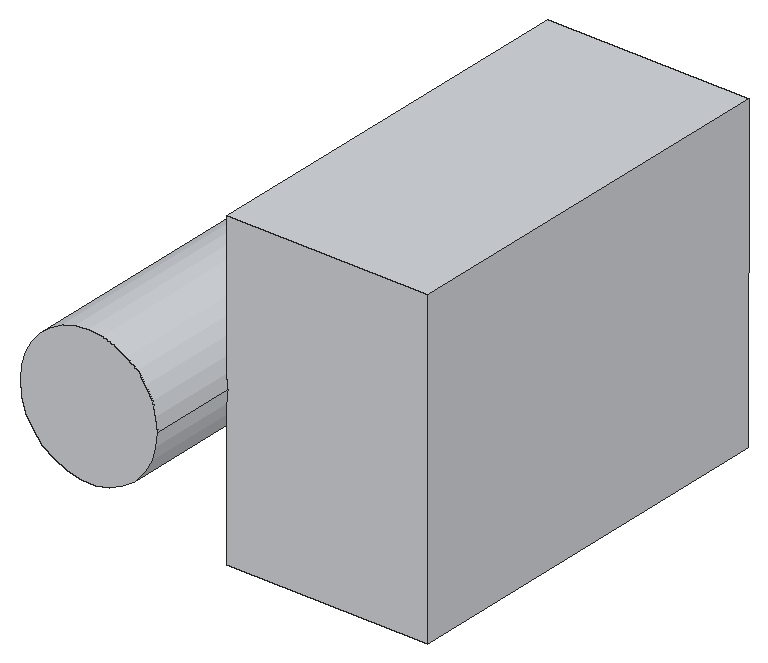
Revit family "XAFT", category Generic Models, Revit 2016
Family settings
  Part Type = Normal
  Can host rebar = No
  Round Connector Dimension = Use Diameter
  Work Plane-Based = No
  Always vertical = Yes
  Cut with Voids When Loaded = No
  Shared = No
  Room Calculation Point = No
Parameters (values of type "05" Inlet")
  URL = "www.anemostat-hvac.com"
  Radius = Diameter / 2  # 2 7/16"
  Model = "XAFT"
  Manufacturer = "Anemostat"
  Enclosure Height = 11 3/32"
  Enclosure Width = 14 7/32"
  Length = 20 5/16"
  Duct Size = Diameter + 1" / 32  # 4 29/32"
  Diameter = 4 7/8"
Types (10): name | Radius | Length | Duct Size | Diameter
  (no name) | 2 7/16" | 20 5/16" | 4 29/32" | 4 7/8"
  05" Inlet | 2 7/16" | 20 5/16" | 4 29/32" | 4 7/8"
  06" Inlet | 2 15/16" | 20 5/16" | 5 29/32" | 5 7/8"
  07" Inlet | 3 7/16" | 20 5/16" | 6 29/32" | 6 7/8"
  08" Inlet | 3 15/16" | 20 5/16" | 7 29/32" | 7 7/8"
  09" Inlet | 4 7/16" | 20 5/16" | 8 29/32" | 8 7/8"
  10" Inlet | 4 15/16" | 20 5/16" | 9 29/32" | 9 7/8"
  12" Inlet | 5 15/16" | 23 57/64" | 11 29/32" | 11 7/8"
  14" Inlet | 6 15/16" | 23 57/64" | 13 29/32" | 13 7/8"
  16" Inlet | 7 15/16" | 23 57/64" | 15 29/32" | 15 7/8"
Reference planes (in)
  plane 1 "Center (Front/Back)": y = 0
  plane 2: z = 0
  plane 3 "Center (Left/Right)": x = 0
  plane 4: z = 15.5
  plane 5: z = 20.375
  plane 6: z = 17.9375
  plane 7: y = -3
  plane 8: y = -17.21875
  plane 9: z = 23.48437
  plane 10: z = 12.39062
  plane 11 "Enclosure": x = 2.4375
Forms (in)
  Extrusion 1, solid
    sketch origin (0, 0, 12.5) x (1, 0, 0) y (0, 0, 1)
      loop
        circle (0, 5.4375) r 2.4375
    from 0 to 20.3125 <- "Length"
  Extrusion 2, solid
    sketch origin (2.4375, 0, 0) x (0, 0, -1) y (0, -1, 0)
      loop
        line (-23.48437, 3) -> (-12.39062, 3) -> (-12.39062, 17.21875) -> (-23.48437, 17.21875) -> (-23.48437, 3)
    from 0 to -7.125
Dimensions and locks (in)
  equal spacing: plane 5, plane 6, plane 4
  "Diameter": plane 5 to plane 4
  locked: plane 1 "Center (Front/Back)" to plane 7 at 3
  "Radius": Extrusion 1 sketch curve to plane 6
  "Enclosure Width": plane 7 to plane 8
  "Enclosure Height": plane 9 to plane 10
  equal spacing: plane 9, plane 6, plane 10
  "Radius": plane 11 "Enclosure" to plane 3 "Center (Left/Right)"
  aligned and locked: plane 2 to level
  aligned and locked: Extrusion 2 sketch curve to plane 9
  aligned and locked: plane 7 to Extrusion 2 sketch curve
  aligned and locked: plane 10 to Extrusion 2 sketch curve
  aligned and locked: Extrusion 2 sketch curve to plane 8
Automatic sketch dimensions
  Extrusion 1 sketch curve to plane 3 "Center (Left/Right)" = 0"
  Extrusion 1 sketch curve to plane 6 = 0"
Connectors (in)
  hvac at (0, -20.3125, 17.9375), driven by "Duct Size"
    settings: on Extrusion 1, index 1, duct flow 0 CFM, flow factor 0, pres drop 0.00 in-wg, loss coef 0, conn angle 0.00°, conn width 12", conn height 12", conn diameter 4 29/32", duct sys type 1, conn prof type 0, flow config 0, flow direction 0, loss method 0, conn ref index -1, conn util no, is conn primary yes, conn desc ""
  hvac at (0, 0, 17.9375), driven by "Duct Size"
    settings: on Extrusion 1, index 2, duct flow 0 CFM, flow factor 0, pres drop 0.00 in-wg, loss coef 0, conn angle 0.00°, conn width 12", conn height 12", conn diameter 4 29/32", duct sys type 1, conn prof type 0, flow config 0, flow direction 0, loss method 0, conn ref index -1, conn util no, is conn primary no, conn desc ""
